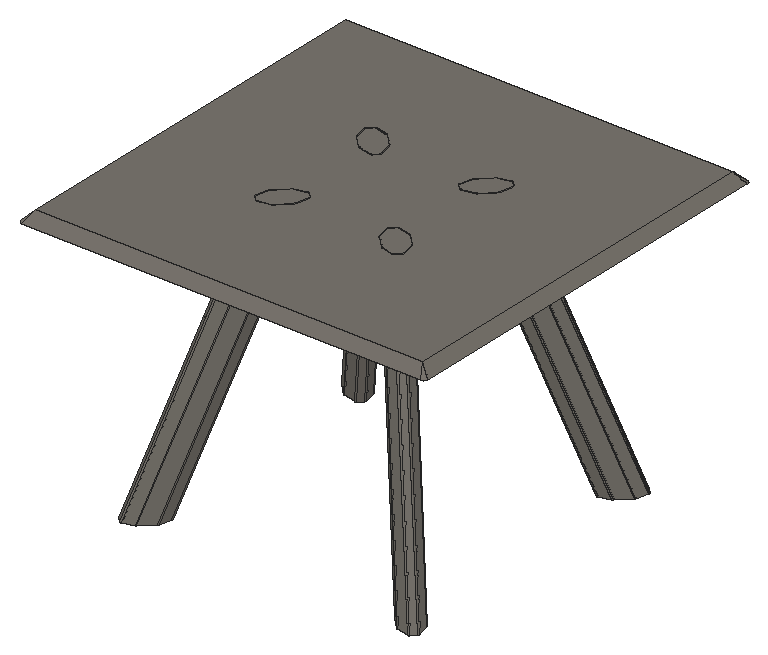
Revit family "Table-Ocassional-Teknion-STBST_Qui-R2014", category Furniture, Revit 2014 (continued)
Definition of nested family "Table-Ocassional-Teknion-STBST_Square_Qui-R2013"
  Automatic sketch dimensions
    Blend 7 sketch curve to Blend 7 sketch curve = 0.1739"  (x3)
    Blend 7 sketch curve to plane 5 "Right" = 4.37878"
    Blend 7 sketch curve to Blend 7 sketch curve = 0.25849"  (x5)
    Blend 7 sketch curve to Blend 7 sketch curve = 0.13936"  (x6)
    Blend 7 sketch curve to Blend 7 sketch curve = 0.74357"  (x4)
    Blend 7 sketch curve to Blend 7 sketch curve = 0.07277"  (x5)
    Blend 7 sketch curve to Blend 7 sketch curve = 0.76393"  (x4)
    Blend 7 sketch curve to Blend 7 sketch curve = 0.10607"  (x11)
    Blend 7 sketch curve to Blend 7 sketch curve = 0.03329"  (x4)
    plane 3 "Center L/R" to Blend 7 sketch curve = 3.46188"
    plane 3 "Center L/R" to Blend 7 sketch curve = 3.53465"
    Blend 7 sketch curve to Blend 7 sketch curve = 0.14626"
Definition of nested family "Table-Ocassional-Teknion-STBST_Round_Qui-R2013"
  Parameters (values of type "18" High")
    Width = Diameter  # 26.000"
    Warranty = "http://www.teknionstudio.com/pdfs/Teknion%20Studio%20Warranty.pdf"
    Unit Weight = 0.00 lbf
    URL = "www.teknionstudio.com"
    Table Finish [instance] = none
    Series = "Studio"
    Radius 4 = 7.000"
    Radius 3 = 6.000"
    Radius 2 = Radius - 0.625"  # 12.375"
    Radius = Diameter / 2  # 13.000"
    Product Line = "Qui"
    Product Documentation Link = "http://www.teknionstudio.com/pricing/STBST_ppg.pdf"
    Part Number = "STBST"
    Model = "STBSTA18"
    Manufacturer Phone = "919-464-2920"
    Manufacturer Fax = "919-464-2927"
    Manufacturer Email = "customersupport@teknionstudio.com"
    Manufacturer Address = "3941 US 70 Business HWY West, Clayton, NC 27520"
    Manufacturer = "Teknion Studio"
    Low Emitting Material = yes
    Low Emitting Finish = yes
    Height = 18.000"
    Diameter = 26.000"
    Description = "Qui Occasional Table, Round 26\"dia / 66cm, 18\"h / 46cm"
    Depth = Diameter  # 26.000"
    Assembly Code = "E2020200"
  Reference planes (in)
    plane 1 "Center F/B": y = 0
    plane 2: z = 0
    plane 3 "Center L/R": x = 0
    plane 4 "Left": x = -13
    plane 5 "Right": x = 13
    plane 6 "Back": y = 13
    plane 7 "Front": y = -13
    plane 8 "Top": z = 18
    plane 9 "Table Base": z = 17.375
    plane 10 "Table Bottom": z = 15.875
    plane 11 "Leg Top": z = 18.025
  Forms (in)
    Blend 1, solid, material <- "Table Finish"
      base sketch origin (0, 0, 17.375) x (-1, 0, 0) y (0, -1, 0)
        loop
          circle (0, 0) r 13
      top sketch origin (0, 0, 18) x (-1, 0, 0) y (0, -1, 0)
        loop
          circle (0, 0) r 12.375
      from 0 to 0
    Blend 2, solid, material <- "Table Finish"
      base sketch origin (0, 0, 15.875) x (-1, 0, 0) y (0, -1, 0)
        loop
          circle (0, 0) r 6
      top sketch origin (0, 0, 15.875) x (-1, 0, 0) y (0, -1, 0)
        loop
          circle (0, 0) r 7
      from 0 to 1.5
    Blend 3, solid, material <- "Table Finish"
      base sketch origin (0, 0, 18.025) x (0.707107, 0.707107, 0) y (-0.707107, 0.707107, 0)
        loop
          arc (-6.66597, -6.40748) -> (-6.73046, -6.36942) -> (-6.80532, -6.36728) r 0.15
          line (-6.80532, -6.36728) -> (-7.56926, -6.54118)
          arc (-7.56926, -6.54118) -> (-7.60849, -6.55613) -> (-7.64203, -6.58137) r 0.15
          line (-7.64203, -6.58137) -> (-8.3856, -7.32494)
          arc (-8.3856, -7.32494) -> (-8.41084, -7.35849) -> (-8.4258, -7.39772) r 0.15
          line (-8.4258, -7.39772) -> (-8.59969, -8.16165)
          arc (-8.59969, -8.16165) -> (-8.59756, -8.23651) -> (-8.5595, -8.30101) r 0.15
          line (-8.5595, -8.30101) -> (-8.30101, -8.5595)
          arc (-8.30101, -8.5595) -> (-8.23651, -8.59756) -> (-8.16165, -8.59969) r 0.15
          line (-8.16165, -8.59969) -> (-7.39772, -8.4258)
          arc (-7.39772, -8.4258) -> (-7.35849, -8.41084) -> (-7.32494, -8.3856) r 0.15
          line (-7.32494, -8.3856) -> (-6.58137, -7.64203)
          arc (-6.58137, -7.64203) -> (-6.55613, -7.60849) -> (-6.54118, -7.56926) r 0.15
          line (-6.54118, -7.56926) -> (-6.36728, -6.80532)
          arc (-6.36728, -6.80532) -> (-6.36942, -6.73046) -> (-6.40748, -6.66597) r 0.15
          line (-6.40748, -6.66597) -> (-6.66597, -6.40748)
      top sketch origin (0, 0, 18.025) x (0.707107, 0.707107, 0) y (-0.707107, 0.707107, 0)
        loop
          arc (-1.82371, -1.56522) -> (-1.88821, -1.52716) -> (-1.96307, -1.52503) r 0.15
          line (-1.96307, -1.52503) -> (-2.72701, -1.69893)
          arc (-2.72701, -1.69893) -> (-2.76623, -1.71388) -> (-2.79978, -1.73912) r 0.15
          line (-2.79978, -1.73912) -> (-3.54335, -2.48269)
          arc (-3.54335, -2.48269) -> (-3.56859, -2.51624) -> (-3.58354, -2.55546) r 0.15
          line (-3.58354, -2.55546) -> (-3.75744, -3.3194)
          arc (-3.75744, -3.3194) -> (-3.75531, -3.39426) -> (-3.71725, -3.45876) r 0.15
          line (-3.71725, -3.45876) -> (-3.45876, -3.71725)
          arc (-3.45876, -3.71725) -> (-3.39426, -3.75531) -> (-3.3194, -3.75744) r 0.15
          line (-3.3194, -3.75744) -> (-2.55546, -3.58354)
          arc (-2.55546, -3.58354) -> (-2.51624, -3.56859) -> (-2.48269, -3.54335) r 0.15
          line (-2.48269, -3.54335) -> (-1.73912, -2.79978)
          arc (-1.73912, -2.79978) -> (-1.71388, -2.76623) -> (-1.69893, -2.72701) r 0.15
          line (-1.69893, -2.72701) -> (-1.52503, -1.96307)
          arc (-1.52503, -1.96307) -> (-1.52716, -1.88821) -> (-1.56522, -1.82371) r 0.15
          line (-1.56522, -1.82371) -> (-1.82371, -1.56522)
      from -18.025 to -0.025
    Blend 4, solid, material <- "Table Finish"
      base sketch origin (0, 0, 18.025) x (0.258819, -0.965926, 0) y (0.965926, 0.258819, 0)
        loop
          arc (-6.66597, -6.40748) -> (-6.73046, -6.36942) -> (-6.80532, -6.36728) r 0.15
          line (-6.80532, -6.36728) -> (-7.56926, -6.54118)
          arc (-7.56926, -6.54118) -> (-7.60849, -6.55613) -> (-7.64203, -6.58137) r 0.15
          line (-7.64203, -6.58137) -> (-8.3856, -7.32494)
          arc (-8.3856, -7.32494) -> (-8.41084, -7.35849) -> (-8.4258, -7.39772) r 0.15
          line (-8.4258, -7.39772) -> (-8.59969, -8.16165)
          arc (-8.59969, -8.16165) -> (-8.59756, -8.23651) -> (-8.5595, -8.30101) r 0.15
          line (-8.5595, -8.30101) -> (-8.30101, -8.5595)
          arc (-8.30101, -8.5595) -> (-8.23651, -8.59756) -> (-8.16165, -8.59969) r 0.15
          line (-8.16165, -8.59969) -> (-7.39772, -8.4258)
          arc (-7.39772, -8.4258) -> (-7.35849, -8.41084) -> (-7.32494, -8.3856) r 0.15
          line (-7.32494, -8.3856) -> (-6.58137, -7.64203)
          arc (-6.58137, -7.64203) -> (-6.55613, -7.60849) -> (-6.54118, -7.56926) r 0.15
          line (-6.54118, -7.56926) -> (-6.36728, -6.80532)
          arc (-6.36728, -6.80532) -> (-6.36942, -6.73046) -> (-6.40748, -6.66597) r 0.15
          line (-6.40748, -6.66597) -> (-6.66597, -6.40748)
      top sketch origin (0, 0, 18) x (-1, 0, 0) y (0, -1, 0)
        loop
          arc (1.9839, -1.35646) -> (1.96383, -1.42861) -> (1.98115, -1.50148) r 0.15
          line (1.98115, -1.50148) -> (2.34684, -2.19437)
          arc (2.34684, -2.19437) -> (2.37144, -2.22839) -> (2.4045, -2.25426) r 0.15
          line (2.4045, -2.25426) -> (3.31518, -2.78005)
          arc (3.31518, -2.78005) -> (3.35412, -2.79574) -> (3.39588, -2.80003) r 0.15
          line (3.39588, -2.80003) -> (4.17879, -2.77028)
          arc (4.17879, -2.77028) -> (4.25055, -2.74885) -> (4.303, -2.69539) r 0.15
          line (4.303, -2.69539) -> (4.48578, -2.37881)
          arc (4.48578, -2.37881) -> (4.50585, -2.30666) -> (4.48853, -2.2338) r 0.15
          line (4.48853, -2.2338) -> (4.12284, -1.5409)
          arc (4.12284, -1.5409) -> (4.09824, -1.50688) -> (4.06518, -1.48101) r 0.15
          line (4.06518, -1.48101) -> (3.1545, -0.95522)
          arc (3.1545, -0.95522) -> (3.11556, -0.93953) -> (3.0738, -0.93524) r 0.15
          line (3.0738, -0.93524) -> (2.29089, -0.96499)
          arc (2.29089, -0.96499) -> (2.21913, -0.98642) -> (2.16668, -1.03988) r 0.15
          line (2.16668, -1.03988) -> (1.9839, -1.35646)
      from -18.025 to 0
    Blend 5, solid, material <- "Table Finish"
      base sketch origin (0, 0, 18.025) x (-0.965926, 0.258819, 0) y (-0.258819, -0.965926, 0)
        loop
          arc (-6.66597, -6.40748) -> (-6.73046, -6.36942) -> (-6.80532, -6.36728) r 0.15
          line (-6.80532, -6.36728) -> (-7.56926, -6.54118)
          arc (-7.56926, -6.54118) -> (-7.60849, -6.55613) -> (-7.64203, -6.58137) r 0.15
          line (-7.64203, -6.58137) -> (-8.3856, -7.32494)
          arc (-8.3856, -7.32494) -> (-8.41084, -7.35849) -> (-8.4258, -7.39772) r 0.15
          line (-8.4258, -7.39772) -> (-8.59969, -8.16165)
          arc (-8.59969, -8.16165) -> (-8.59756, -8.23651) -> (-8.5595, -8.30101) r 0.15
          line (-8.5595, -8.30101) -> (-8.30101, -8.5595)
          arc (-8.30101, -8.5595) -> (-8.23651, -8.59756) -> (-8.16165, -8.59969) r 0.15
          line (-8.16165, -8.59969) -> (-7.39772, -8.4258)
          arc (-7.39772, -8.4258) -> (-7.35849, -8.41084) -> (-7.32494, -8.3856) r 0.15
          line (-7.32494, -8.3856) -> (-6.58137, -7.64203)
          arc (-6.58137, -7.64203) -> (-6.55613, -7.60849) -> (-6.54118, -7.56926) r 0.15
          line (-6.54118, -7.56926) -> (-6.36728, -6.80532)
          arc (-6.36728, -6.80532) -> (-6.36942, -6.73046) -> (-6.40748, -6.66597) r 0.15
          line (-6.40748, -6.66597) -> (-6.66597, -6.40748)
      top sketch origin (0, 0, 18) x (-1, 0, 0) y (0, -1, 0)
        loop
          arc (-4.303, -2.69539) -> (-4.25055, -2.74885) -> (-4.17879, -2.77028) r 0.15
          line (-4.17879, -2.77028) -> (-3.39588, -2.80003)
          arc (-3.39588, -2.80003) -> (-3.35412, -2.79574) -> (-3.31518, -2.78005) r 0.15
          line (-3.31518, -2.78005) -> (-2.4045, -2.25426)
          arc (-2.4045, -2.25426) -> (-2.37144, -2.22839) -> (-2.34684, -2.19437) r 0.15
          line (-2.34684, -2.19437) -> (-1.98115, -1.50148)
          arc (-1.98115, -1.50148) -> (-1.96383, -1.42861) -> (-1.9839, -1.35646) r 0.15
          line (-1.9839, -1.35646) -> (-2.16668, -1.03988)
          arc (-2.16668, -1.03988) -> (-2.21913, -0.98642) -> (-2.29089, -0.96499) r 0.15
          line (-2.29089, -0.96499) -> (-3.0738, -0.93524)
          arc (-3.0738, -0.93524) -> (-3.11556, -0.93953) -> (-3.1545, -0.95522) r 0.15
          line (-3.1545, -0.95522) -> (-4.06518, -1.48101)
          arc (-4.06518, -1.48101) -> (-4.09824, -1.50688) -> (-4.12284, -1.5409) r 0.15
          line (-4.12284, -1.5409) -> (-4.48853, -2.2338)
          arc (-4.48853, -2.2338) -> (-4.50585, -2.30666) -> (-4.48578, -2.37881) r 0.15
          line (-4.48578, -2.37881) -> (-4.303, -2.69539)
      from -18.025 to 0
    Sweep 6, void
      path origin (0, 0, 0) x (1, 0, 0) y (0, 0, 1)
        loop
          line (0, 18) -> (0, 17.75)
      profile origin (0, 0, 17.875) x (0, -1, 0) y (1, 0, 0)
        loop
          line (-2.26812, -2.3965) -> (-2.7939, -3.30718)
          arc (-2.7939, -3.30718) -> (-2.81127, -3.35027) -> (-2.81602, -3.39649) r 0.166
          line (-2.81602, -3.39649) -> (-2.78627, -4.1794)
          arc (-2.78627, -4.1794) -> (-2.76255, -4.25881) -> (-2.70339, -4.31685) r 0.166
          line (-2.70339, -4.31685) -> (-2.38681, -4.49963)
          arc (-2.38681, -4.49963) -> (-2.30696, -4.52184) -> (-2.22633, -4.50268) r 0.166
          line (-2.22633, -4.50268) -> (-1.53343, -4.13699)
          arc (-1.53343, -4.13699) -> (-1.49578, -4.10977) -> (-1.46715, -4.07318) r 0.166
          line (-1.46715, -4.07318) -> (-0.94137, -3.1625)
          arc (-0.94137, -3.1625) -> (-0.924, -3.11941) -> (-0.91925, -3.07319) r 0.166
          line (-0.91925, -3.07319) -> (-0.949, -2.29028)
          arc (-0.949, -2.29028) -> (-0.97272, -2.21087) -> (-1.03188, -2.15282) r 0.166
          line (-1.03188, -2.15282) -> (-1.34846, -1.97005)
          arc (-1.34846, -1.97005) -> (-1.42831, -1.94784) -> (-1.50894, -1.967) r 0.166
          line (-1.50894, -1.967) -> (-2.20184, -2.33269)
          arc (-2.20184, -2.33269) -> (-2.23949, -2.35991) -> (-2.26812, -2.3965) r 0.166
        loop
          line (-2.7939, 3.30718) -> (-2.26812, 2.3965)
          arc (-2.26812, 2.3965) -> (-2.23949, 2.35991) -> (-2.20184, 2.33269) r 0.166
          line (-2.20184, 2.33269) -> (-1.50894, 1.967)
          arc (-1.50894, 1.967) -> (-1.42831, 1.94784) -> (-1.34846, 1.97005) r 0.166
          line (-1.34846, 1.97005) -> (-1.03188, 2.15282)
          arc (-1.03188, 2.15282) -> (-0.97272, 2.21087) -> (-0.949, 2.29028) r 0.166
          line (-0.949, 2.29028) -> (-0.91925, 3.07319)
          arc (-0.91925, 3.07319) -> (-0.924, 3.11941) -> (-0.94137, 3.1625) r 0.166
          line (-0.94137, 3.1625) -> (-1.46715, 4.07318)
          arc (-1.46715, 4.07318) -> (-1.49578, 4.10977) -> (-1.53343, 4.13699) r 0.166
          line (-1.53343, 4.13699) -> (-2.22633, 4.50268)
          arc (-2.22633, 4.50268) -> (-2.30696, 4.52184) -> (-2.38681, 4.49963) r 0.166
          line (-2.38681, 4.49963) -> (-2.70339, 4.31685)
          arc (-2.70339, 4.31685) -> (-2.76255, 4.25881) -> (-2.78627, 4.1794) r 0.166
          line (-2.78627, 4.1794) -> (-2.81602, 3.39649)
          arc (-2.81602, 3.39649) -> (-2.81127, 3.35027) -> (-2.7939, 3.30718) r 0.166
        loop
          line (2.38034, 0.18278) -> (2.38034, -0.18278)
          arc (2.38034, -0.18278) -> (2.40103, -0.26303) -> (2.45794, -0.32328) r 0.166
          line (2.45794, -0.32328) -> (3.12109, -0.7405)
          arc (3.12109, -0.7405) -> (3.16349, -0.7595) -> (3.20949, -0.766) r 0.166
          line (3.20949, -0.766) -> (4.26106, -0.766)
          arc (4.26106, -0.766) -> (4.30706, -0.7595) -> (4.34945, -0.7405) r 0.166
          line (4.34945, -0.7405) -> (5.0126, -0.32328)
          arc (5.0126, -0.32328) -> (5.06951, -0.26303) -> (5.0902, -0.18278) r 0.166
          line (5.0902, -0.18278) -> (5.0902, 0.18278)
          arc (5.0902, 0.18278) -> (5.06951, 0.26303) -> (5.0126, 0.32328) r 0.166
          line (5.0126, 0.32328) -> (4.34945, 0.7405)
          arc (4.34945, 0.7405) -> (4.30706, 0.7595) -> (4.26106, 0.766) r 0.166
          line (4.26106, 0.766) -> (3.20949, 0.766)
          arc (3.20949, 0.766) -> (3.16349, 0.7595) -> (3.12109, 0.7405) r 0.166
          line (3.12109, 0.7405) -> (2.45794, 0.32328)
          arc (2.45794, 0.32328) -> (2.40103, 0.26303) -> (2.38034, 0.18278) r 0.166
  Cuts and joins
    Sweep 6 cuts Blend 1
  Lines and regions (in)
    Masking region 1
      outline origin (0, 0, 18.025) x (0, -1, 0) y (1, 0, 0)
        loop
          circle (0, 0) r 13
    symbolic lines, style "Hidden Lines", detail levels medium+fine
      curve 1: line (0.18278, -2.39634, 18.025) -> (-0.18278, -2.39634, 18.025)
      curve 2: arc (0.30974, -2.46646, 18.025) -> (0.2553, -2.41504, 18.025) -> (0.18278, -2.39634, 18.025) r 0.15
      curve 3: line (0.72696, -3.12961, 18.025) -> (0.30974, -2.46646, 18.025)
      curve 4: arc (0.75, -3.20949, 18.025) -> (0.74413, -3.16792, 18.025) -> (0.72696, -3.12961, 18.025) r 0.15
      curve 5: line (0.75, -4.26106, 18.025) -> (0.75, -3.20949, 18.025)
      curve 6: arc (0.72696, -4.34093, 18.025) -> (0.74413, -4.30262, 18.025) -> (0.75, -4.26106, 18.025) r 0.15
      curve 7: line (0.30974, -5.00408, 18.025) -> (0.72696, -4.34093, 18.025)
      curve 8: arc (0.18278, -5.0742, 18.025) -> (0.2553, -5.05551, 18.025) -> (0.30974, -5.00408, 18.025) r 0.15
      curve 9: line (-0.18278, -5.0742, 18.025) -> (0.18278, -5.0742, 18.025)
      curve 10: arc (-0.30974, -5.00408, 18.025) -> (-0.2553, -5.05551, 18.025) -> (-0.18278, -5.0742, 18.025) r 0.15
      curve 11: line (-0.72696, -4.34093, 18.025) -> (-0.30974, -5.00408, 18.025)
      curve 12: arc (-0.75, -4.26106, 18.025) -> (-0.74413, -4.30262, 18.025) -> (-0.72696, -4.34093, 18.025) r 0.15
      curve 13: line (-0.75, -3.20949, 18.025) -> (-0.75, -4.26106, 18.025)
      curve 14: arc (-0.72696, -3.12961, 18.025) -> (-0.74413, -3.16792, 18.025) -> (-0.75, -3.20949, 18.025) r 0.15
      curve 15: line (-0.30974, -2.46646, 18.025) -> (-0.72696, -3.12961, 18.025)
      curve 16: arc (-0.18278, -2.39634, 18.025) -> (-0.2553, -2.41504, 18.025) -> (-0.30974, -2.46646, 18.025) r 0.15
      curve 36: line (-2.16668, 1.03988, 18.025) -> (-1.9839, 1.35646, 18.025)
      curve 37: arc (-2.29089, 0.96499, 18.025) -> (-2.21913, 0.98642, 18.025) -> (-2.16668, 1.03988, 18.025) r 0.15
      curve 38: line (-3.0738, 0.93524, 18.025) -> (-2.29089, 0.96499, 18.025)
      curve 39: arc (-3.1545, 0.95522, 18.025) -> (-3.11556, 0.93953, 18.025) -> (-3.0738, 0.93524, 18.025) r 0.15
      curve 40: line (-4.06518, 1.48101, 18.025) -> (-3.1545, 0.95522, 18.025)
      curve 41: arc (-4.12284, 1.5409, 18.025) -> (-4.09824, 1.50688, 18.025) -> (-4.06518, 1.48101, 18.025) r 0.15
      curve 42: line (-4.48853, 2.2338, 18.025) -> (-4.12284, 1.5409, 18.025)
      curve 43: arc (-4.48578, 2.37881, 18.025) -> (-4.50585, 2.30666, 18.025) -> (-4.48853, 2.2338, 18.025) r 0.15
      curve 44: line (-4.303, 2.69539, 18.025) -> (-4.48578, 2.37881, 18.025)
      curve 45: arc (-4.17879, 2.77028, 18.025) -> (-4.25055, 2.74885, 18.025) -> (-4.303, 2.69539, 18.025) r 0.15
      curve 46: line (-3.39588, 2.80003, 18.025) -> (-4.17879, 2.77028, 18.025)
      curve 47: arc (-3.31518, 2.78005, 18.025) -> (-3.35412, 2.79574, 18.025) -> (-3.39588, 2.80003, 18.025) r 0.15
      curve 48: line (-2.4045, 2.25426, 18.025) -> (-3.31518, 2.78005, 18.025)
      curve 49: arc (-2.34684, 2.19437, 18.025) -> (-2.37144, 2.22839, 18.025) -> (-2.4045, 2.25426, 18.025) r 0.15
      curve 50: line (-1.98115, 1.50148, 18.025) -> (-2.34684, 2.19437, 18.025)
      curve 51: arc (-1.9839, 1.35646, 18.025) -> (-1.96383, 1.42861, 18.025) -> (-1.98115, 1.50148, 18.025) r 0.15
      curve 68: line (1.9839, 1.35646, 18.025) -> (2.16668, 1.03988, 18.025)
      curve 69: arc (1.98115, 1.50148, 18.025) -> (1.96383, 1.42861, 18.025) -> (1.9839, 1.35646, 18.025) r 0.15
      curve 70: line (2.34684, 2.19437, 18.025) -> (1.98115, 1.50148, 18.025)
      curve 71: arc (2.4045, 2.25426, 18.025) -> (2.37144, 2.22839, 18.025) -> (2.34684, 2.19437, 18.025) r 0.15
      curve 72: line (3.31518, 2.78005, 18.025) -> (2.4045, 2.25426, 18.025)
      curve 73: arc (3.39588, 2.80003, 18.025) -> (3.35412, 2.79574, 18.025) -> (3.31518, 2.78005, 18.025) r 0.15
      curve 74: line (4.17879, 2.77028, 18.025) -> (3.39588, 2.80003, 18.025)
      curve 75: arc (4.303, 2.69539, 18.025) -> (4.25055, 2.74885, 18.025) -> (4.17879, 2.77028, 18.025) r 0.15
      curve 76: line (4.48578, 2.37881, 18.025) -> (4.303, 2.69539, 18.025)
      curve 77: arc (4.48853, 2.2338, 18.025) -> (4.50585, 2.30666, 18.025) -> (4.48578, 2.37881, 18.025) r 0.15
      curve 78: line (4.12284, 1.5409, 18.025) -> (4.48853, 2.2338, 18.025)
      curve 79: arc (4.06518, 1.48101, 18.025) -> (4.09824, 1.50688, 18.025) -> (4.12284, 1.5409, 18.025) r 0.15
      curve 80: line (3.1545, 0.95522, 18.025) -> (4.06518, 1.48101, 18.025)
      curve 81: arc (3.0738, 0.93524, 18.025) -> (3.11556, 0.93953, 18.025) -> (3.1545, 0.95522, 18.025) r 0.15
      curve 82: line (2.29089, 0.96499, 18.025) -> (3.0738, 0.93524, 18.025)
      curve 83: arc (2.16668, 1.03988, 18.025) -> (2.21913, 0.98642, 18.025) -> (2.29089, 0.96499, 18.025) r 0.15
    symbolic lines, style "Hidden Lines", detail levels fine
      curve 17: line (0.75, -4.26106, 18.025) -> (0.75, -11.10903, 18.025)
      curve 18: arc (0.75, -11.10903, 18.025) -> (0.74413, -11.1506, 18.025) -> (0.72696, -11.18891, 18.025) r 0.15
      curve 19: line (0.72696, -11.18891, 18.025) -> (0.30974, -11.85206, 18.025)
      curve 20: arc (0.30974, -11.85206, 18.025) -> (0.2553, -11.90349, 18.025) -> (0.18278, -11.92218, 18.025) r 0.15
      curve 21: line (0.18278, -11.92218, 18.025) -> (-0.18278, -11.92218, 18.025)
      curve 22: arc (-0.18278, -11.92218, 18.025) -> (-0.2553, -11.90349, 18.025) -> (-0.30974, -11.85206, 18.025) r 0.15
      curve 23: line (-0.30974, -11.85206, 18.025) -> (-0.72696, -11.18891, 18.025)
      curve 24: arc (-0.72696, -11.18891, 18.025) -> (-0.74413, -11.1506, 18.025) -> (-0.75, -11.10903, 18.025) r 0.15
      curve 25: line (-0.75, -11.10903, 18.025) -> (-0.75, -4.26106, 18.025)
      curve 26: arc (-0.75, -10.05747, 18.025) -> (-0.74413, -10.0159, 18.025) -> (-0.72696, -9.97759, 18.025) r 0.15
      curve 27: line (-0.72696, -9.97759, 18.025) -> (-0.30974, -9.31444, 18.025)
      curve 28: arc (-0.30974, -9.31444, 18.025) -> (-0.2553, -9.26301, 18.025) -> (-0.18278, -9.24432, 18.025) r 0.15
      curve 29: line (-0.18278, -9.24432, 18.025) -> (0.18278, -9.24432, 18.025)
      curve 30: arc (0.18278, -9.24432, 18.025) -> (0.2553, -9.26301, 18.025) -> (0.30974, -9.31444, 18.025) r 0.15
      curve 31: line (0.30974, -9.31444, 18.025) -> (0.72696, -9.97759, 18.025)
      curve 32: arc (0.72696, -9.97759, 18.025) -> (0.74413, -10.0159, 18.025) -> (0.75, -10.05747, 18.025) r 0.15
      curve 33: circle (0, 0, 18.025) r 7 normal (0, 0, 1)
      curve 34: circle (0, 0, 18.025) r 6 normal (0, 0, -1)
      curve 52: line (-4.06518, 1.48101, 18.025) -> (-9.99571, 4.905, 18.025)
      curve 53: arc (-9.99571, 4.905, 18.025) -> (-10.02877, 4.93087, 18.025) -> (-10.05336, 4.96489, 18.025) r 0.15
      curve 54: line (-10.05336, 4.96489, 18.025) -> (-10.41906, 5.65779, 18.025)
      curve 55: arc (-10.41906, 5.65779, 18.025) -> (-10.43637, 5.73065, 18.025) -> (-10.4163, 5.8028, 18.025) r 0.15
      curve 56: line (-10.4163, 5.8028, 18.025) -> (-10.23352, 6.11938, 18.025)
      curve 57: arc (-10.23352, 6.11938, 18.025) -> (-10.18107, 6.17284, 18.025) -> (-10.10931, 6.19427, 18.025) r 0.15
      curve 58: line (-10.10931, 6.19427, 18.025) -> (-9.3264, 6.22402, 18.025)
      curve 59: arc (-9.3264, 6.22402, 18.025) -> (-9.28464, 6.21973, 18.025) -> (-9.24571, 6.20404, 18.025) r 0.15
      curve 60: line (-9.24571, 6.20404, 18.025) -> (-3.31518, 2.78005, 18.025)
      curve 61: arc (-8.33502, 5.67825, 18.025) -> (-8.30196, 5.65238, 18.025) -> (-8.27736, 5.61836, 18.025) r 0.15
      curve 62: line (-8.27736, 5.61836, 18.025) -> (-7.91167, 4.92546, 18.025)
      curve 63: arc (-7.91167, 4.92546, 18.025) -> (-7.89436, 4.8526, 18.025) -> (-7.91442, 4.78045, 18.025) r 0.15
      curve 64: line (-7.91442, 4.78045, 18.025) -> (-8.0972, 4.46387, 18.025)
      curve 65: arc (-8.0972, 4.46387, 18.025) -> (-8.14966, 4.41041, 18.025) -> (-8.22141, 4.38898, 18.025) r 0.15
      curve 66: line (-8.22141, 4.38898, 18.025) -> (-9.00432, 4.35923, 18.025)
      curve 67: arc (-9.00432, 4.35923, 18.025) -> (-9.04609, 4.36352, 18.025) -> (-9.08502, 4.37921, 18.025) r 0.15
      curve 84: line (3.31518, 2.78005, 18.025) -> (9.24571, 6.20404, 18.025)
      curve 85: arc (9.24571, 6.20404, 18.025) -> (9.28464, 6.21973, 18.025) -> (9.3264, 6.22402, 18.025) r 0.15
      curve 86: line (9.3264, 6.22402, 18.025) -> (10.10931, 6.19427, 18.025)
      curve 87: arc (10.10931, 6.19427, 18.025) -> (10.18107, 6.17284, 18.025) -> (10.23352, 6.11938, 18.025) r 0.15
      curve 88: line (10.23352, 6.11938, 18.025) -> (10.4163, 5.8028, 18.025)
      curve 89: arc (10.4163, 5.8028, 18.025) -> (10.43637, 5.73065, 18.025) -> (10.41906, 5.65779, 18.025) r 0.15
      curve 90: line (10.41906, 5.65779, 18.025) -> (10.05336, 4.96489, 18.025)
      curve 91: arc (10.05336, 4.96489, 18.025) -> (10.02877, 4.93087, 18.025) -> (9.99571, 4.905, 18.025) r 0.15
      curve 92: line (9.99571, 4.905, 18.025) -> (4.06518, 1.48101, 18.025)
      curve 93: arc (9.08502, 4.37921, 18.025) -> (9.04609, 4.36352, 18.025) -> (9.00432, 4.35923, 18.025) r 0.15
      curve 94: line (9.00432, 4.35923, 18.025) -> (8.22141, 4.38898, 18.025)
      curve 95: arc (8.22141, 4.38898, 18.025) -> (8.14966, 4.41041, 18.025) -> (8.0972, 4.46387, 18.025) r 0.15
      curve 96: line (8.0972, 4.46387, 18.025) -> (7.91442, 4.78045, 18.025)
      curve 97: arc (7.91442, 4.78045, 18.025) -> (7.89436, 4.8526, 18.025) -> (7.91167, 4.92546, 18.025) r 0.15
      curve 98: line (7.91167, 4.92546, 18.025) -> (8.27736, 5.61836, 18.025)
      curve 99: arc (8.27736, 5.61836, 18.025) -> (8.30196, 5.65238, 18.025) -> (8.33502, 5.67825, 18.025) r 0.15
    symbolic lines, detail levels medium+fine
      curve 35: circle (0, 0, 18.025) r 12.375 normal (0, 0, 1)
  Dimensions and locks (in)
    "Height": plane 8 "Top" to plane 2
    equal spacing: plane 4 "Left", plane 3 "Center L/R", plane 5 "Right"
    "Width": plane 4 "Left" to plane 5 "Right"
    equal spacing: plane 6 "Back", plane 1 "Center F/B", plane 7 "Front"
    "Depth": plane 6 "Back" to plane 7 "Front"
    plane 8 "Top" to plane 9 "Table Base" to plane 10 "Table Bottom" = 0.625" locked, 1.500" locked
    locked: plane 11 "Leg Top" to plane 8 "Top" at 0.025
    locked: Blend 3 sketch curve to Blend 3 sketch curve at 2.67786  (x2)
    locked: Blend 3 sketch curve to Blend 3 sketch curve at 1.5  (x2)
    locked: Blend 3 sketch curve to Blend 3 sketch curve at 1.87568  (x4)
    locked: Blend 4 sketch curve to Blend 4 sketch curve at 2.67786  (x2)
    locked: Blend 4 sketch curve to Blend 4 sketch curve at 1.5  (x2)
    locked: Blend 4 sketch curve to Blend 4 sketch curve at 1.87568  (x4)
    locked: Blend 5 sketch curve to Blend 5 sketch curve at 2.67786  (x2)
    locked: Blend 5 sketch curve to Blend 5 sketch curve at 1.5  (x2)
    locked: Blend 5 sketch curve to Blend 5 sketch curve at 1.87568  (x4)
    locked: Blend 3 sketch curve to plane 1 "Center F/B" at 9.24432
    locked: plane 3 "Center L/R" to Blend 3 sketch curve at 0.75
    locked: Blend 4 sketch curve to plane 3 "Center L/R" at 9.24432
    locked: Blend 4 sketch curve to plane 3 "Center L/R" at 0.75
    locked: Blend 5 sketch curve to plane 3 "Center L/R" at 9.24432
    locked: Blend 5 sketch curve to plane 3 "Center L/R" at 0.75
    "Radius": radius of Blend 1 sketch curve
    "Radius 2": radius of Blend 1 sketch curve
    "Radius": radius of Masking region 1 sketch curve
    "Radius 3": radius of Blend 2 sketch curve
    "Radius 4": radius of Blend 2 sketch curve
    aligned and locked: level to plane 2
    aligned and locked: plane 8 "Top" to Blend 1
    aligned and locked: Blend 1 to plane 9 "Table Base"
    aligned and locked: Blend 2 to plane 10 "Table Bottom"
    aligned and locked: plane 9 "Table Base" to Blend 2
    aligned and locked: plane 3 "Center L/R" to Blend 1 sketch curve  (x2)
    aligned and locked: plane 1 "Center F/B" to Blend 1 sketch curve  (x2)
    aligned and locked: plane 3 "Center L/R" to Masking region 1 sketch curve
    aligned and locked: plane 1 "Center F/B" to Masking region 1 sketch curve
    aligned and locked: plane 3 "Center L/R" to Blend 2 sketch curve  (x2)
    aligned and locked: plane 1 "Center F/B" to Blend 2 sketch curve  (x2)
    aligned and locked: curve 34 to Blend 2
    aligned and locked: curve 33 to Blend 2
    aligned and locked: curve 35 to Blend 1
    aligned and locked: Blend 4 to plane 2
    aligned and locked: Blend 5 to plane 2
    aligned and locked: Blend 3 to plane 2
    aligned and locked: plane 8 "Top" to Blend 5
    aligned and locked: plane 8 "Top" to Blend 4
    aligned and locked: plane 8 "Top" to Blend 3
    aligned and locked: plane 8 "Top" to Sweep 6 sketch curve
    aligned and locked: Sweep 6 sketch curve to plane 3 "Center L/R"
  Automatic sketch dimensions
    Blend 3 sketch curve to Blend 3 sketch curve = 0.04019"  (x12)
    Blend 3 sketch curve to Blend 3 sketch curve = 0.1739"  (x4)
    Blend 3 sketch curve to Blend 3 sketch curve = 0.13936"  (x6)
    Blend 3 sketch curve to Blend 3 sketch curve = 0.74357"  (x4)
    Blend 3 sketch curve to Blend 3 sketch curve = 0.07277"  (x6)
    Blend 3 sketch curve to Blend 3 sketch curve = 0.76393"  (x3)
    Blend 3 sketch curve to Blend 3 sketch curve = 0.25849"  (x5)
    Blend 3 sketch curve to Blend 3 sketch curve = 0.10607"  (x10)
    Blend 3 sketch curve to Blend 3 sketch curve = 0.03329"  (x3)
    Blend 3 sketch curve to Blend 3 sketch curve = 0.14626"  (x3)
    Blend 3 sketch curve to Blend 3 sketch curve = 0.97607"
    Blend 4 sketch curve to Blend 4 sketch curve = 0.04019"  (x6)
    Blend 4 sketch curve to Blend 4 sketch curve = 0.1739"  (x2)
    Blend 4 sketch curve to Blend 4 sketch curve = 0.13936"  (x3)
    Blend 4 sketch curve to Blend 4 sketch curve = 0.74357"  (x2)
    Blend 4 sketch curve to Blend 4 sketch curve = 0.07277"  (x3)
    Blend 4 sketch curve to Blend 4 sketch curve = 0.76393"  (x2)
    Blend 4 sketch curve to Blend 4 sketch curve = 0.25849"  (x3)
    Blend 4 sketch curve to Blend 4 sketch curve = 0.10607"  (x5)
    Blend 4 sketch curve to Blend 4 sketch curve = 0.03329"
    Blend 4 sketch curve to Blend 4 sketch curve = 0.14626"  (x2)
    Blend 4 sketch curve to Blend 4 sketch curve = 0.97607"
    Blend 5 sketch curve to Blend 5 sketch curve = 0.04019"  (x6)
    Blend 5 sketch curve to Blend 5 sketch curve = 0.1739"  (x2)
    Blend 5 sketch curve to Blend 5 sketch curve = 0.13936"  (x3)
    Blend 5 sketch curve to Blend 5 sketch curve = 0.74357"  (x2)
    Blend 5 sketch curve to Blend 5 sketch curve = 0.07277"  (x3)
    Blend 5 sketch curve to Blend 5 sketch curve = 0.76393"  (x2)
    Blend 5 sketch curve to Blend 5 sketch curve = 0.25849"  (x3)
    Blend 5 sketch curve to Blend 5 sketch curve = 0.10607"  (x5)
    Blend 5 sketch curve to Blend 5 sketch curve = 0.03329"
    Blend 5 sketch curve to Blend 5 sketch curve = 0.14626"  (x2)
    Blend 5 sketch curve to Blend 5 sketch curve = 0.97607"
    curve 38 to plane 1 "Center F/B" = 0.93524"
    curve 39 to curve 39 = 0.01999"
    curve 37 to curve 38 = 0.02975"
    curve 37 to curve 38 = 0.07489"
    curve 39 to curve 38 = 0.14989"
    curve 37 to curve 37 = 0.075"
    curve 36 to curve 36 = 0.31658"
    curve 51 to curve 51 = 0.075"
    curve 41 to curve 39 = 0.52578"
    curve 50 to curve 51 = 0.14501"
    curve 41 to curve 41 = 0.05989"
    curve 41 to curve 41 = 0.07001"
    curve 49 to curve 51 = 0.6929"
    curve 50 to curve 49 = 0.07001"
    curve 43 to curve 41 = 0.6929"
    curve 48 to curve 49 = 0.05989"
    curve 43 to curve 42 = 0.07001"
    curve 43 to curve 42 = 0.14501"
    curve 45 to curve 43 = 0.31658"
    curve 47 to curve 45 = 0.02975"
    curve 45 to curve 45 = 0.075"
    curve 45 to curve 45 = 0.07489"
    curve 47 to curve 47 = 0.1299"
    curve 47 to curve 48 = 0.01999"
    curve 67 to curve 67 = 0.01999"
    curve 65 to curve 66 = 0.02975"
    curve 64 to curve 66 = 0.07489"
    curve 67 to curve 66 = 0.14989"
    curve 65 to curve 66 = 0.14989"
    curve 63 to curve 64 = 0.31658"
    curve 63 to curve 64 = 0.075"
    curve 52 to curve 67 = 0.52578"
    curve 63 to curve 64 = 0.14501"
    curve 53 to curve 53 = 0.05989"
    curve 53 to curve 53 = 0.07001"
    curve 61 to curve 63 = 0.6929"
    curve 61 to curve 61 = 0.07001"
    curve 55 to curve 53 = 0.6929"
    curve 61 to curve 61 = 0.05989"
    curve 55 to curve 55 = 0.07001"
    curve 55 to curve 55 = 0.14501"
    curve 57 to curve 55 = 0.31658"
    curve 59 to curve 57 = 0.02975"
    curve 57 to curve 57 = 0.075"
    curve 57 to curve 56 = 0.07489"
    curve 59 to curve 59 = 0.1299"
    curve 58 to curve 60 = 0.01999"
    curve 51 to plane 3 "Center L/R" = 1.98115"
    curve 36 to curve 51 = 0.00275"
    curve 36 to curve 51 = 0.18278"
    curve 38 to curve 37 = 0.12421"
    curve 49 to curve 50 = 0.36569"
    curve 49 to curve 49 = 0.05766"
    curve 38 to curve 37 = 0.78291"
    curve 39 to curve 38 = 0.0057"
    curve 60 to curve 48 = 0.91069"
    curve 47 to curve 60 = 0.075"
    curve 40 to curve 41 = 0.075"
    curve 45 to curve 47 = 0.78291"
    curve 45 to curve 45 = 0.0057"
    curve 43 to curve 45 = 0.18278"
    curve 43 to curve 43 = 0.1299"
    curve 63 to curve 45 = 3.60867"
    curve 63 to curve 63 = 0.00275"
    curve 65 to curve 63 = 0.18278"
    curve 66 to curve 65 = 0.12421"
    curve 62 to curve 62 = 0.36569"
    curve 61 to curve 61 = 0.05766"
    curve 66 to curve 65 = 0.78291"
    curve 67 to curve 66 = 0.0057"
    curve 60 to curve 61 = 0.91069"
    curve 59 to curve 59 = 0.075"
    curve 53 to curve 67 = 0.91069"
    curve 53 to curve 53 = 0.075"
    curve 57 to curve 59 = 0.78291"
    curve 57 to curve 57 = 0.0057"
    curve 55 to curve 57 = 0.18278"
    curve 55 to curve 55 = 0.1299"
    curve 86 to curve 84 = 0.01999"
    curve 85 to curve 86 = 0.02975"
    curve 86 to curve 88 = 0.07489"
    curve 85 to curve 85 = 0.1299"
    curve 87 to curve 87 = 0.14989"
    curve 87 to curve 88 = 0.31658"
    curve 88 to curve 89 = 0.075"
    curve 85 to curve 99 = 0.52578"
    curve 88 to curve 90 = 0.14501"
    curve 99 to curve 98 = 0.05989"
    curve 98 to curve 99 = 0.07001"
    curve 89 to curve 91 = 0.6929"
    curve 91 to curve 91 = 0.07001"
    curve 98 to curve 97 = 0.6929"
    curve 91 to curve 91 = 0.05989"
    curve 98 to curve 97 = 0.07001"
    curve 98 to curve 96 = 0.14501"
    curve 97 to curve 95 = 0.31658"
    curve 95 to curve 93 = 0.02975"
    curve 95 to curve 96 = 0.075"
    curve 96 to curve 95 = 0.07489"
    curve 93 to curve 93 = 0.1299"
    curve 93 to curve 93 = 0.01999"
    curve 74 to plane 1 "Center F/B" = 2.80003"
    curve 74 to curve 84 = 0.01999"
    curve 73 to curve 75 = 0.02975"
    curve 74 to curve 75 = 0.07489"
    curve 73 to curve 73 = 0.14989"
    curve 76 to curve 75 = 0.075"
    curve 75 to curve 76 = 0.31658"
    curve 76 to curve 77 = 0.075"
    curve 73 to curve 71 = 0.52578"
    curve 76 to curve 77 = 0.14501"
    curve 72 to curve 71 = 0.05989"
    curve 70 to curve 71 = 0.07001"
    curve 77 to curve 79 = 0.6929"
    curve 79 to curve 79 = 0.07001"
    curve 71 to curve 69 = 0.6929"
    curve 78 to curve 80 = 0.05989"
    curve 69 to curve 69 = 0.07001"
    curve 69 to curve 68 = 0.14501"
    curve 69 to curve 83 = 0.31658"
    curve 83 to curve 81 = 0.02975"
    curve 83 to curve 83 = 0.075"
    curve 83 to curve 83 = 0.07489"
    curve 81 to curve 81 = 0.1299"
    curve 81 to curve 82 = 0.01999"
    plane 3 "Center L/R" to curve 70 = 1.98115"
    curve 69 to curve 69 = 0.00275"
    curve 69 to curve 83 = 0.18278"
    curve 83 to curve 82 = 0.12421"
    curve 69 to curve 70 = 0.36569"
    curve 70 to curve 72 = 0.05766"
    curve 82 to curve 81 = 0.78291"
    curve 81 to curve 81 = 0.0057"
    curve 71 to curve 84 = 0.91069"
    curve 73 to curve 73 = 0.075"
    curve 79 to curve 92 = 0.075"
    curve 73 to curve 75 = 0.78291"
    curve 75 to curve 75 = 0.0057"
    curve 75 to curve 77 = 0.18278"
    curve 77 to curve 76 = 0.1299"
    curve 75 to curve 98 = 3.60867"
    curve 98 to curve 97 = 0.00275"
    curve 96 to curve 96 = 0.18278"
    curve 96 to curve 95 = 0.12421"
    curve 98 to curve 99 = 0.36569"
    curve 99 to curve 99 = 0.05766"
    curve 94 to curve 94 = 0.78291"
    curve 93 to curve 93 = 0.0057"
    curve 99 to curve 84 = 0.91069"
    curve 85 to curve 85 = 0.075"
    curve 93 to curve 91 = 0.91069"
    curve 91 to curve 91 = 0.075"
    curve 85 to curve 87 = 0.78291"
    curve 87 to curve 86 = 0.0057"
    curve 87 to curve 89 = 0.18278"
    curve 89 to curve 89 = 0.1299"
    curve 16 to plane 3 "Center L/R" = 0.18278"
    plane 1 "Center F/B" to curve 16 = 2.39634"
    plane 3 "Center L/R" to curve 1 = 0.18278"
    curve 1 to curve 3 = 0.07012"
    curve 16 to curve 16 = 0.07012"
    curve 1 to curve 2 = 0.150"
    curve 16 to curve 16 = 0.07988"
    curve 3 to curve 4 = 0.66315"
    curve 15 to curve 14 = 0.66315"
    curve 3 to curve 4 = 0.07988"
    curve 14 to curve 14 = 0.07988"
    curve 4 to curve 17 = 1.05157"
    curve 13 to curve 25 = 1.05157"
    curve 5 to curve 7 = 0.07988"
    curve 12 to curve 12 = 0.07988"
    curve 11 to plane 3 "Center L/R" = 0.72696"
    plane 3 "Center L/R" to curve 8 = 0.18278"
    curve 6 to curve 8 = 0.66315"
    curve 10 to curve 8 = 0.000"
    curve 11 to plane 3 "Center L/R" = 0.30974"
    curve 10 to curve 11 = 0.07988"
    curve 8 to curve 8 = 0.07988"
    curve 7 to curve 9 = 0.07012"
    curve 28 to plane 3 "Center L/R" = 0.18278"
    curve 10 to curve 28 = 4.17012"
    plane 3 "Center L/R" to curve 31 = 0.30974"
    curve 29 to curve 31 = 0.07012"
    curve 28 to curve 28 = 0.07012"
    curve 28 to curve 28 = 0.150"
    curve 31 to curve 30 = 0.07988"
    curve 30 to curve 32 = 0.66315"
    curve 27 to plane 3 "Center L/R" = 0.72696"
    curve 27 to curve 27 = 0.66315"
    curve 26 to curve 26 = 0.07988"
    curve 31 to curve 32 = 0.07988"
    curve 32 to curve 18 = 1.05157"
    curve 26 to curve 25 = 1.05157"
    curve 24 to curve 24 = 0.07988"
    plane 3 "Center L/R" to curve 19 = 0.72696"
    curve 17 to curve 19 = 0.07988"
    curve 23 to plane 3 "Center L/R" = 0.72696"
    curve 22 to plane 3 "Center L/R" = 0.18278"
    curve 24 to curve 22 = 0.66315"
    curve 22 to curve 20 = 0.000"
    plane 3 "Center L/R" to curve 19 = 0.30974"
    curve 20 to curve 19 = 0.07988"
    curve 22 to curve 22 = 0.07988"
    curve 19 to curve 20 = 0.07012"
    curve 13 to curve 15 = 0.02304"
    curve 26 to curve 27 = 0.02304"
    curve 18 to curve 19 = 0.12696"
    curve 32 to curve 31 = 0.12696"
    curve 4 to curve 3 = 0.12696"
    curve 6 to curve 7 = 0.12696"
    Blend 3 sketch curve to plane 3 "Center L/R" = 0.30974"  (x2)
    plane 1 "Center F/B" to Blend 3 sketch curve = 5.00408"
    Blend 4 sketch curve to plane 3 "Center L/R" = 1.98115"
    Blend 4 sketch curve to plane 1 "Center F/B" = 2.80003"
    Blend 4 sketch curve to plane 1 "Center F/B" = 1.35646"
    Blend 4 sketch curve to Blend 4 sketch curve = 0.00275"  (x2)
    Blend 4 sketch curve to Blend 4 sketch curve = 0.18278"  (x2)
    Blend 4 sketch curve to plane 1 "Center F/B" = 0.96499"
    Blend 4 sketch curve to Blend 4 sketch curve = 0.12421"
    Blend 4 sketch curve to Blend 4 sketch curve = 0.36569"
    Blend 4 sketch curve to Blend 4 sketch curve = 0.05766"  (x2)
    Blend 4 sketch curve to plane 1 "Center F/B" = 0.93524"
    Blend 4 sketch curve to Blend 4 sketch curve = 0.78291"
    Blend 4 sketch curve to Blend 4 sketch curve = 0.0807"  (x2)
    Blend 4 sketch curve to plane 1 "Center F/B" = 1.48101"
    Blend 4 sketch curve to Blend 4 sketch curve = 0.91069"
    Blend 4 sketch curve to plane 1 "Center F/B" = 1.5409"
    Blend 4 sketch curve to plane 1 "Center F/B" = 2.77028"
    Blend 4 sketch curve to plane 1 "Center F/B" = 2.69539"
    Blend 4 sketch curve to plane 1 "Center F/B" = 2.37881"
    Blend 4 sketch curve to plane 1 "Center F/B" = 2.2338"
    Blend 4 sketch curve to Blend 4 sketch curve = 0.13266"  (x2)
    Blend 4 sketch curve to Blend 4 sketch curve = 0.0057"
    Blend 4 sketch curve to Blend 4 sketch curve = 0.075"  (x4)
    Blend 4 sketch curve to Blend 4 sketch curve = 0.1299"
    Blend 4 sketch curve to Blend 4 sketch curve = 0.05989"
    Sweep 6 sketch curve to Sweep 6 sketch curve = 0.250"
    Sweep 6 sketch curve to plane 1 "Center F/B" = 2.81602"  (x2)
    Sweep 6 sketch curve to plane 1 "Center F/B" = 2.22633"
    profile plane to Sweep 6 sketch curve = 4.50268"
    Sweep 6 sketch curve to Sweep 6 sketch curve = 0.02212"  (x4)
    Sweep 6 sketch curve to Sweep 6 sketch curve = 0.55995"
    Sweep 6 sketch curve to Sweep 6 sketch curve = 0.08288"  (x4)
    Sweep 6 sketch curve to Sweep 6 sketch curve = 0.16048"  (x4)
    Sweep 6 sketch curve to Sweep 6 sketch curve = 0.52578"  (x2)
    Sweep 6 sketch curve to Sweep 6 sketch curve = 0.06628"  (x4)
    Sweep 6 sketch curve to Sweep 6 sketch curve = 0.6929"  (x4)
    Sweep 6 sketch curve to Sweep 6 sketch curve = 0.31658"  (x3)
    Sweep 6 sketch curve to Sweep 6 sketch curve = 0.00763"  (x2)
    Sweep 6 sketch curve to Sweep 6 sketch curve = 0.16588"  (x2)
    Sweep 6 sketch curve to Sweep 6 sketch curve = 0.083"  (x4)
    Sweep 6 sketch curve to Sweep 6 sketch curve = 0.07748"  (x8)
    Sweep 6 sketch curve to Sweep 6 sketch curve = 0.14376"  (x2)
    Sweep 6 sketch curve to Sweep 6 sketch curve = 0.00305"  (x4)
    Sweep 6 sketch curve to Sweep 6 sketch curve = 0.18278"  (x4)
    Sweep 6 sketch curve to Sweep 6 sketch curve = 0.13746"  (x4)
    Sweep 6 sketch curve to Sweep 6 sketch curve = 0.36569"  (x2)
    Sweep 6 sketch curve to Sweep 6 sketch curve = 0.06381"  (x4)
    Sweep 6 sketch curve to Sweep 6 sketch curve = 0.78291"  (x4)
    Sweep 6 sketch curve to Sweep 6 sketch curve = 0.0893"  (x4)
    Sweep 6 sketch curve to Sweep 6 sketch curve = 0.91069"  (x4)
    Sweep 6 sketch curve to profile plane = 1.967"
    Sweep 6 sketch curve to Sweep 6 sketch curve = 0.02975"
    Sweep 6 sketch curve to profile plane = 0.18278"
    plane 1 "Center F/B" to Sweep 6 sketch curve = 2.38034"
    profile plane to Sweep 6 sketch curve = 0.766"
    Sweep 6 sketch curve to profile plane = 0.32328"  (x2)
    Sweep 6 sketch curve to Sweep 6 sketch curve = 0.0776"  (x3)
    profile plane to Sweep 6 sketch curve = 0.32328"  (x2)
    Sweep 6 sketch curve to profile plane = 0.7405"  (x2)
    Sweep 6 sketch curve to Sweep 6 sketch curve = 0.66315"  (x3)
    profile plane to Sweep 6 sketch curve = 0.7405"  (x2)
    Sweep 6 sketch curve to Sweep 6 sketch curve = 0.0884"  (x6)
    Sweep 6 sketch curve to Sweep 6 sketch curve = 1.05157"  (x2)
    Sweep 6 sketch curve to Sweep 6 sketch curve = 0.000"
    Sweep 6 sketch curve to Sweep 6 sketch curve = 0.166"
    Sweep 6 sketch curve to Sweep 6 sketch curve = 0.0255"
    Blend 5 sketch curve to plane 1 "Center F/B" = 2.2338"
    plane 3 "Center L/R" to Blend 5 sketch curve = 4.48853"
    Blend 5 sketch curve to plane 1 "Center F/B" = 2.80003"
    Blend 5 sketch curve to plane 1 "Center F/B" = 2.37881"
    Blend 5 sketch curve to Blend 5 sketch curve = 0.00275"
    Blend 5 sketch curve to Blend 5 sketch curve = 0.18278"  (x2)
    Blend 5 sketch curve to Blend 5 sketch curve = 0.12421"
    Blend 5 sketch curve to plane 1 "Center F/B" = 1.5409"
    Blend 5 sketch curve to Blend 5 sketch curve = 0.36569"
    Blend 5 sketch curve to plane 1 "Center F/B" = 1.48101"
    Blend 5 sketch curve to Blend 5 sketch curve = 0.05766"
    Blend 5 sketch curve to Blend 5 sketch curve = 0.78291"  (x2)
    Blend 5 sketch curve to plane 1 "Center F/B" = 2.78005"
    Blend 5 sketch curve to plane 1 "Center F/B" = 0.95522"
    Blend 5 sketch curve to Blend 5 sketch curve = 0.91069"
    Blend 5 sketch curve to Blend 5 sketch curve = 0.0807"
    Blend 5 sketch curve to plane 1 "Center F/B" = 2.25426"
    Blend 5 sketch curve to plane 1 "Center F/B" = 2.19437"
    Blend 5 sketch curve to plane 1 "Center F/B" = 0.96499"
    Blend 5 sketch curve to plane 1 "Center F/B" = 1.03988"
    Blend 5 sketch curve to plane 1 "Center F/B" = 1.35646"
    Blend 5 sketch curve to plane 1 "Center F/B" = 1.50148"
    Blend 5 sketch curve to Blend 5 sketch curve = 0.13266"
    Blend 5 sketch curve to Blend 5 sketch curve = 0.0057"  (x2)
    Blend 5 sketch curve to Blend 5 sketch curve = 0.075"  (x4)
    Blend 5 sketch curve to Blend 5 sketch curve = 0.1299"
Types (3): name | Square Table Visibility | Round Table Visibility | Model | Description
  (no name) | yes | no | "STBSTC18" | "Qui Occasional Table, Square 26\"w / 66cm, 18\"h / 46cm"
  Round, 18" High | no | yes | "STBSTA18" | "Qui Occasional Table, Round 26\"dia / 66cm, 18\"h / 46cm"
  Square, 18" High | yes | no | "STBSTC18" | "Qui Occasional Table, Square 26\"w / 66cm, 18\"h / 46cm"
